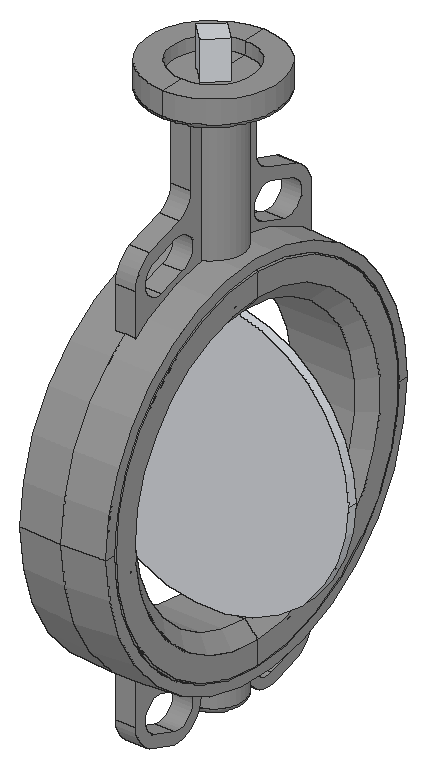
Revit family "Absperr- und Regulierklappe ZF-4219", category Rohrzubehör, Revit 2018 (continued)
Automatic sketch dimensions
  Extrusion 8 sketch curve to Extrusion 8 sketch curve = 11.576 mm
  Extrusion 8 sketch curve to Extrusion 8 sketch curve = 0.007 mm  (x2)
  Extrusion 8 sketch curve to Extrusion 8 sketch curve = 11.662 mm  (x2)
  Extrusion 8 sketch curve to Extrusion 8 sketch curve = 7.405 mm
  Extrusion 8 sketch curve to Extrusion 8 sketch curve = 9.76 mm  (x2)
  Extrusion 8 sketch curve to Extrusion 8 sketch curve = 46.144 mm
  Extrusion 8 sketch curve to Extrusion 8 sketch curve = 0.006 mm
  Extrusion 8 sketch curve to Extrusion 8 sketch curve = 0.159 mm  (x2)
  Extrusion 8 sketch curve to Extrusion 8 sketch curve = 0.225 mm  (x2)
  Extrusion 8 sketch curve to Extrusion 8 sketch curve = 3.156 mm
  Extrusion 7 sketch curve to Extrusion 7 sketch curve = 0 mm  (x29)
  Extrusion 7 sketch curve to level = 0 mm
  Extrusion 7 sketch curve to plane 1 "Mitte (Vorne/hinten)" = 0 mm
  Extrusion 7 sketch curve to Extrusion 7 sketch curve = 4.987 mm  (x2)
  plane 1 "Mitte (Vorne/hinten)" to Extrusion 7 sketch curve = 42.642 mm
  Extrusion 7 sketch curve to Extrusion 7 sketch curve = 3.28 mm  (x2)
  Extrusion 7 sketch curve to Extrusion 7 sketch curve = 14.935 mm  (x2)
  Extrusion 7 sketch curve to Extrusion 7 sketch curve = 11.589 mm  (x2)
  Extrusion 7 sketch curve to Extrusion 7 sketch curve = 14.868 mm  (x2)
  Extrusion 7 sketch curve to Extrusion 7 sketch curve = 33.628 mm  (x4)
  Extrusion 7 sketch curve to Extrusion 7 sketch curve = 3.946 mm  (x4)
  Extrusion 7 sketch curve to Extrusion 7 sketch curve = 12.021 mm  (x8)
  Extrusion 7 sketch curve to Extrusion 7 sketch curve = 8.075 mm  (x8)
  plane 1 "Mitte (Vorne/hinten)" to Extrusion 7 sketch curve = 21.03 mm
  Extrusion 7 sketch curve to Extrusion 7 sketch curve = 5.5 mm
  Extrusion 7 sketch curve to Extrusion 7 sketch curve = 0.54 mm  (x2)
  Extrusion 7 sketch curve to Extrusion 7 sketch curve = 0.103 mm
  Extrusion 7 sketch curve to Extrusion 7 sketch curve = 1.99 mm  (x2)
  plane 1 "Mitte (Vorne/hinten)" to Extrusion 7 sketch curve = 18.5 mm
  Extrusion 7 sketch curve to plane 1 "Mitte (Vorne/hinten)" = 18.5 mm  (x2)
  Extrusion 7 sketch curve to Extrusion 7 sketch curve = 1.897 mm
  Extrusion 7 sketch curve to Extrusion 7 sketch curve = 2 mm
  Extrusion 7 sketch curve to Extrusion 7 sketch curve = 21.612 mm
  Extrusion 7 sketch curve to level = 59.454 mm  (x2)
  Extrusion 7 sketch curve to Extrusion 7 sketch curve = 10.049 mm  (x4)
  Extrusion 7 sketch curve to Extrusion 7 sketch curve = 20.666 mm  (x2)
  Extrusion 7 sketch curve to Extrusion 7 sketch curve = 1.725 mm  (x2)
  Extrusion 7 sketch curve to Extrusion 7 sketch curve = 12.438 mm  (x4)
  level to Extrusion 7 sketch curve = 59.454 mm  (x2)
  Extrusion 7 sketch curve to Extrusion 7 sketch curve = 15.768 mm  (x2)
  Extrusion 7 sketch curve to Extrusion 7 sketch curve = 0.361 mm  (x2)
  Extrusion 7 sketch curve to Extrusion 7 sketch curve = 69.242 mm
  Extrusion 7 sketch curve to Extrusion 7 sketch curve = 0.014 mm
  Extrusion 7 sketch curve to Extrusion 7 sketch curve = 0.29 mm  (x2)
  Extrusion 6 sketch curve to Extrusion 6 sketch curve = 0 mm  (x31)
  Extrusion 6 sketch curve to level = 0 mm
  Extrusion 6 sketch curve to plane 1 "Mitte (Vorne/hinten)" = 0 mm
  plane 1 "Mitte (Vorne/hinten)" to Extrusion 6 sketch curve = 18.5 mm  (x2)
  Extrusion 6 sketch curve to Extrusion 6 sketch curve = 1.897 mm  (x2)
  Extrusion 6 sketch curve to Extrusion 6 sketch curve = 2 mm
  Extrusion 6 sketch curve to Extrusion 6 sketch curve = 4.154 mm  (x2)
  Extrusion 6 sketch curve to Extrusion 6 sketch curve = 5.603 mm
  Extrusion 6 sketch curve to Extrusion 6 sketch curve = 12 mm  (x2)
  Extrusion 6 sketch curve to Extrusion 6 sketch curve = 21.682 mm  (x2)
  Extrusion 6 sketch curve to Extrusion 6 sketch curve = 2.182 mm  (x2)
  Extrusion 6 sketch curve to Extrusion 6 sketch curve = 11.109 mm  (x4)
  Extrusion 6 sketch curve to Extrusion 6 sketch curve = 30.529 mm  (x4)
  Extrusion 6 sketch curve to Extrusion 6 sketch curve = 4.781 mm  (x4)
  Extrusion 6 sketch curve to Extrusion 6 sketch curve = 1.414 mm  (x8)
  Extrusion 6 sketch curve to Extrusion 6 sketch curve = 7.24 mm  (x8)
  Extrusion 6 sketch curve to Extrusion 6 sketch curve = 12.021 mm  (x8)
  Extrusion 6 sketch curve to plane 1 "Mitte (Vorne/hinten)" = 18.5 mm
  Extrusion 6 sketch curve to Extrusion 6 sketch curve = 7.5 mm
  Extrusion 6 sketch curve to Extrusion 6 sketch curve = 0.103 mm
  Extrusion 6 sketch curve to level = 50.036 mm  (x2)
  Extrusion 6 sketch curve to Extrusion 6 sketch curve = 17.112 mm  (x2)
  Extrusion 6 sketch curve to Extrusion 6 sketch curve = 9.185 mm  (x4)
  Extrusion 6 sketch curve to Extrusion 6 sketch curve = 20.608 mm  (x2)
  Extrusion 6 sketch curve to Extrusion 6 sketch curve = 12.868 mm  (x3)
  Extrusion 6 sketch curve to Extrusion 6 sketch curve = 9.096 mm  (x2)
  level to Extrusion 6 sketch curve = 50.036 mm  (x2)
  Extrusion 6 sketch curve to Extrusion 6 sketch curve = 17 mm
  Extrusion 6 sketch curve to Extrusion 6 sketch curve = 56.845 mm
  Extrusion 6 sketch curve to Extrusion 6 sketch curve = 0.017 mm
  Extrusion 6 sketch curve to Extrusion 6 sketch curve = 0.29 mm  (x2)
  Extrusion 5 sketch curve to Extrusion 5 sketch curve = 0 mm  (x25)
  Extrusion 5 sketch curve to level = 0 mm
  Extrusion 5 sketch curve to plane 1 "Mitte (Vorne/hinten)" = 0 mm
  plane 1 "Mitte (Vorne/hinten)" to Extrusion 5 sketch curve = 18.5 mm  (x2)
  Extrusion 5 sketch curve to Extrusion 5 sketch curve = 0.579 mm  (x2)
  Extrusion 5 sketch curve to Extrusion 5 sketch curve = 1.897 mm  (x2)
  Extrusion 5 sketch curve to Extrusion 5 sketch curve = 0.103 mm
  Extrusion 5 sketch curve to Extrusion 5 sketch curve = 5.603 mm
  Extrusion 5 sketch curve to Extrusion 5 sketch curve = 15.942 mm  (x4)
  Extrusion 5 sketch curve to Extrusion 5 sketch curve = 13 mm  (x2)
  Extrusion 5 sketch curve to Extrusion 5 sketch curve = 11.367 mm  (x4)
  Extrusion 5 sketch curve to Extrusion 5 sketch curve = 25.663 mm  (x4)
  Extrusion 5 sketch curve to Extrusion 5 sketch curve = 4.027 mm  (x4)
  Extrusion 5 sketch curve to Extrusion 5 sketch curve = 12.021 mm  (x5)
  Extrusion 5 sketch curve to Extrusion 5 sketch curve = 9.55 mm  (x4)
  Extrusion 5 sketch curve to Extrusion 5 sketch curve = 7.5 mm
  Extrusion 5 sketch curve to plane 1 "Mitte (Vorne/hinten)" = 18.5 mm  (x2)
  Extrusion 5 sketch curve to Extrusion 5 sketch curve = 2 mm
  Extrusion 5 sketch curve to level = 38.887 mm  (x2)
  Extrusion 5 sketch curve to Extrusion 5 sketch curve = 10.986 mm  (x3)
  Extrusion 5 sketch curve to Extrusion 5 sketch curve = 10.231 mm  (x3)
  Extrusion 5 sketch curve to Extrusion 5 sketch curve = 10.467 mm  (x4)
  Extrusion 5 sketch curve to Extrusion 5 sketch curve = 12.18 mm  (x2)
  Extrusion 5 sketch curve to Extrusion 5 sketch curve = 12.641 mm  (x4)
  Extrusion 5 sketch curve to Extrusion 5 sketch curve = 9.983 mm  (x2)
  level to Extrusion 5 sketch curve = 38.887 mm  (x2)
  Extrusion 5 sketch curve to Extrusion 5 sketch curve = 21.217 mm
  Extrusion 5 sketch curve to Extrusion 5 sketch curve = 16.969 mm  (x2)
  Extrusion 5 sketch curve to Extrusion 5 sketch curve = 51.117 mm
  Extrusion 5 sketch curve to Extrusion 5 sketch curve = 0.01 mm
  Extrusion 5 sketch curve to Extrusion 5 sketch curve = 0.29 mm  (x2)
  level to Extrusion 5 sketch curve = 49.873 mm
  Extrusion 4 sketch curve to Extrusion 4 sketch curve = 0 mm  (x28)
  Extrusion 4 sketch curve to level = 0 mm
  Extrusion 4 sketch curve to plane 1 "Mitte (Vorne/hinten)" = 0 mm
  plane 1 "Mitte (Vorne/hinten)" to Extrusion 4 sketch curve = 18.5 mm  (x2)
  Extrusion 4 sketch curve to Extrusion 4 sketch curve = 1.897 mm  (x2)
  Extrusion 4 sketch curve to Extrusion 4 sketch curve = 0.103 mm  (x2)
  Extrusion 4 sketch curve to Extrusion 4 sketch curve = 5.603 mm  (x2)
  Extrusion 4 sketch curve to Extrusion 4 sketch curve = 12.115 mm  (x4)
  Extrusion 4 sketch curve to Extrusion 4 sketch curve = 9 mm  (x2)
  Extrusion 4 sketch curve to Extrusion 4 sketch curve = 11.39 mm  (x2)
  Extrusion 4 sketch curve to Extrusion 4 sketch curve = 7.005 mm  (x2)
  Extrusion 4 sketch curve to Extrusion 4 sketch curve = 22.772 mm  (x4)
  Extrusion 4 sketch curve to Extrusion 4 sketch curve = 4.597 mm  (x4)
  Extrusion 4 sketch curve to Extrusion 4 sketch curve = 1.485 mm  (x4)
  Extrusion 4 sketch curve to Extrusion 4 sketch curve = 12.021 mm  (x4)
  Extrusion 4 sketch curve to Extrusion 4 sketch curve = 9.247 mm  (x4)
  Extrusion 4 sketch curve to plane 1 "Mitte (Vorne/hinten)" = 18.5 mm  (x2)
  Extrusion 4 sketch curve to level = 31.935 mm  (x2)
  Extrusion 4 sketch curve to Extrusion 4 sketch curve = 1.34 mm  (x4)
  Extrusion 4 sketch curve to Extrusion 4 sketch curve = 10.245 mm  (x4)
  Extrusion 4 sketch curve to Extrusion 4 sketch curve = 9.866 mm  (x4)
  Extrusion 4 sketch curve to Extrusion 4 sketch curve = 9.447 mm  (x4)
  Extrusion 4 sketch curve to Extrusion 4 sketch curve = 11.077 mm  (x4)
  Extrusion 4 sketch curve to Extrusion 4 sketch curve = 11.926 mm  (x2)
  level to Extrusion 4 sketch curve = 31.935 mm  (x2)
  Extrusion 4 sketch curve to Extrusion 4 sketch curve = 12.62 mm  (x2)
  Extrusion 4 sketch curve to Extrusion 4 sketch curve = 12.99 mm  (x2)
  Extrusion 4 sketch curve to Extrusion 4 sketch curve = 41.354 mm
  Extrusion 4 sketch curve to Extrusion 4 sketch curve = 0.018 mm
  Extrusion 4 sketch curve to Extrusion 4 sketch curve = 0.29 mm  (x2)
  Extrusion 3 sketch curve to Extrusion 3 sketch curve = 0 mm  (x23)
  Extrusion 3 sketch curve to level = 0 mm
  Extrusion 3 sketch curve to plane 1 "Mitte (Vorne/hinten)" = 0 mm
  plane 1 "Mitte (Vorne/hinten)" to Extrusion 3 sketch curve = 18 mm
  Extrusion 3 sketch curve to Extrusion 3 sketch curve = 1.897 mm  (x2)
  Extrusion 3 sketch curve to Extrusion 3 sketch curve = 0.103 mm  (x2)
  plane 1 "Mitte (Vorne/hinten)" to Extrusion 3 sketch curve = 22.391 mm
  Extrusion 3 sketch curve to Extrusion 3 sketch curve = 1.414 mm  (x14)
  Extrusion 3 sketch curve to Extrusion 3 sketch curve = 6.103 mm  (x2)
  Extrusion 3 sketch curve to Extrusion 3 sketch curve = 2 mm  (x2)
  Extrusion 3 sketch curve to Extrusion 3 sketch curve = 7.709 mm  (x4)
  Extrusion 3 sketch curve to Extrusion 3 sketch curve = 13.318 mm  (x5)
  Extrusion 3 sketch curve to Extrusion 3 sketch curve = 15.842 mm  (x5)
  Extrusion 3 sketch curve to Extrusion 3 sketch curve = 10.233 mm
  Extrusion 3 sketch curve to Extrusion 3 sketch curve = 3.184 mm  (x7)
  Extrusion 3 sketch curve to Extrusion 3 sketch curve = 6.315 mm  (x8)
  Extrusion 3 sketch curve to Extrusion 3 sketch curve = 3.021 mm  (x4)
  Extrusion 3 sketch curve to Extrusion 3 sketch curve = 5.303 mm  (x8)
  Extrusion 3 sketch curve to level = 23.805 mm  (x2)
  Extrusion 3 sketch curve to Extrusion 3 sketch curve = 3.106 mm  (x6)
  level to Extrusion 3 sketch curve = 23.805 mm  (x2)
  Extrusion 3 sketch curve to Extrusion 3 sketch curve = 6.654 mm  (x4)
  Extrusion 3 sketch curve to Extrusion 3 sketch curve = 9.77 mm  (x4)
  Extrusion 3 sketch curve to plane 1 "Mitte (Vorne/hinten)" = 18 mm
  Extrusion 3 sketch curve to plane 1 "Mitte (Vorne/hinten)" = 22.391 mm
  Extrusion 3 sketch curve to Extrusion 3 sketch curve = 5.708 mm  (x2)
  Extrusion 3 sketch curve to Extrusion 3 sketch curve = 3.131 mm
  level to Extrusion 3 sketch curve = 42.831 mm
  Extrusion 3 sketch curve to Extrusion 3 sketch curve = 4.045 mm
  Extrusion 3 sketch curve to Extrusion 3 sketch curve = 12.379 mm
  Extrusion 3 sketch curve to Extrusion 3 sketch curve = 68.43 mm
  Extrusion 3 sketch curve to Extrusion 3 sketch curve = 0.003 mm
  Extrusion 3 sketch curve to Extrusion 3 sketch curve = 0.316 mm  (x2)
  curve 12 to level = 0 mm
  curve 12 to plane 3 "Mitte (Links/rechts)" = 0 mm
  plane 1 "Mitte (Vorne/hinten)" to curve 6 = 0 mm
  curve 6 to plane 3 "Mitte (Links/rechts)" = 0 mm
  Revolve 1 sketch curve to plane 1 "Mitte (Vorne/hinten)" = 0 mm
  Revolve 1 sketch curve to Revolve 1 sketch curve = 0.987 mm
  Revolve 1 sketch curve to Revolve 1 sketch curve = 1.5 mm  (x3)
  Revolve 1 sketch curve to Revolve 1 sketch curve = 0.513 mm  (x2)
  Revolve 1 sketch curve to Revolve 1 sketch curve = 0.915 mm  (x2)
  Revolve 1 sketch curve to Revolve 1 sketch curve = 1978.5 mm  (x2)
  Revolve 11 sketch curve to plane 1 "Mitte (Vorne/hinten)" = 0 mm  (x2)
  Revolve 11 sketch curve to Revolve 11 sketch curve = 3 mm
  Revolve 11 sketch curve to Revolve 11 sketch curve = 459.992 mm
  level to Revolve 11 sketch curve = 2741.474 mm
  Revolve 12 sketch curve to plane 1 "Mitte (Vorne/hinten)" = 0 mm  (x3)
  Revolve 12 sketch curve to Revolve 12 sketch curve = 1.895 mm
  Revolve 12 sketch curve to Revolve 12 sketch curve = 2 mm  (x2)
  Revolve 12 sketch curve to Revolve 12 sketch curve = 0.105 mm
  Revolve 12 sketch curve to level = 520.992 mm
  Revolve 12 sketch curve to Revolve 12 sketch curve = 2616.474 mm
  Revolve 13 sketch curve to level = 0 mm
  Revolve 13 sketch curve to Revolve 13 sketch curve = 1.492 mm
  Revolve 13 sketch curve to Revolve 13 sketch curve = 0.18 mm  (x2)
  Revolve 13 sketch curve to Revolve 13 sketch curve = 5.027 mm
  Revolve 13 sketch curve to Revolve 13 sketch curve = 1 mm
  Revolve 13 sketch curve to Revolve 13 sketch curve = 0.999 mm  (x2)
  Revolve 13 sketch curve to Revolve 13 sketch curve = 0.27 mm
  Revolve 13 sketch curve to Revolve 13 sketch curve = 0.957 mm
  Revolve 13 sketch curve to Revolve 13 sketch curve = 1328.99 mm
  Revolve 13 sketch curve to Revolve 13 sketch curve = 1875.983 mm
  Extrusion 14 sketch curve to level = 0 mm
  Extrusion 14 sketch curve to plane 3 "Mitte (Links/rechts)" = 0 mm
  radius of Extrusion 10 sketch curve = 12 mm  (x4)
  radius of Extrusion 9 sketch curve = 9.5 mm  (x4)
  radius of Extrusion 9 sketch curve = 14 mm  (x4)
  radius of Extrusion 7 sketch curve = 11.5 mm  (x4)
  radius of Extrusion 7 sketch curve = 9.5 mm  (x4)
  radius of Extrusion 6 sketch curve = 9.5 mm  (x8)
  radius of Extrusion 5 sketch curve = 9.5 mm  (x8)
  radius of Extrusion 4 sketch curve = 9.5 mm  (x8)
  radius of curve 12 = 7 mm
  radius of curve 6 = 5 mm
Nested families
  nested 1: "Herz-Logo-vorne" at (-20, 0, 145.5), type "Herz-Logo-vorne"
Connectors
  piping at (30.75, 0, 0), diameter 200, driven by "Nennweite"
    settings: on Revolve 13, index 1, connector inside diameter 609.6 mm, connector length 0 mm, flow factor 0, pipe flow 0.0 L/s, pressure drop 0.0 Pa, fitting loss kfactor 0, connector angle 0.00°, fixture units 0, engagement length 0 mm, angle of deflection 0.00°, flow configuration 0, flow direction 0, fitting loss method 0, system type 29, joint type 0, gender type 0, connector reference index -1, connector utility 0, adjustable connector no, is connector primary yes, connector description ""
  piping at (-30.75, 0, 0), diameter 200, driven by "Nennweite"
    settings: on Revolve 13, index 2, connector inside diameter 609.6 mm, connector length 0 mm, flow factor 0, pipe flow 0.0 L/s, pressure drop 0.0 Pa, fitting loss kfactor 0, connector angle 0.00°, fixture units 0, engagement length 0 mm, angle of deflection 0.00°, flow configuration 0, flow direction 0, fitting loss method 0, system type 29, joint type 0, gender type 0, connector reference index -1, connector utility 0, adjustable connector no, is connector primary no, connector description ""
Definition of nested family "Herz-Logo-vorne"
  Reference planes
    plane 1 "Mitte (Vorne/hinten)": y = 0
    plane 2: z = 0
    plane 3 "Mitte (Links/rechts)": x = 0
  Forms (mm)
    Extrusion 1, solid
      sketch origin (0.732, -0.018, 0.017) x (0, -1, 0) y (0, 0, 1)
        loop
          line (-0.018, -4.517) -> (4.482, -4.517) -> (4.482, 4.483) -> (-4.518, 4.483) -> (-4.518, -4.517) -> (-0.018, -4.517)
        loop
          line (-0.05, -3.48) -> (3.482, -3.48) -> (3.482, 3.483) -> (-3.518, 3.483) -> (-3.518, -3.48) -> (-0.05, -3.48)
        loop
          arc (-0.018, 2.383) -> (-1.543, 3.287) -> (-3.067, 2.383) r 1.738
          arc (-3.067, 2.383) -> (-3.191, 1.899) -> (-3.067, 1.415) r 1.009
          line (-3.067, 1.415) -> (-0.018, -3.281) -> (3.032, 1.415)
          arc (3.032, 1.415) -> (3.156, 1.899) -> (3.032, 2.383) r 1.009
          arc (3.032, 2.383) -> (1.507, 3.287) -> (-0.018, 2.383) r 1.738
        loop
          arc (1.885, 1.272) -> (2.005, 1.675) -> (1.885, 2.079) r 0.74
          arc (1.885, 2.079) -> (1.265, 2.416) -> (0.644, 2.079) r 0.74
          line (0.644, 2.079) -> (-0.018, 0.97) -> (-0.679, 2.079)
          arc (-0.679, 2.079) -> (-1.3, 2.416) -> (-1.921, 2.079) r 0.74
          arc (-1.921, 2.079) -> (-2.04, 1.675) -> (-1.921, 1.272) r 0.74
          line (-1.921, 1.272) -> (-0.018, -1.658) -> (1.885, 1.272)
      from 0 to 1.5
  Dimensions and locks
    aligned and locked: level to plane 2
